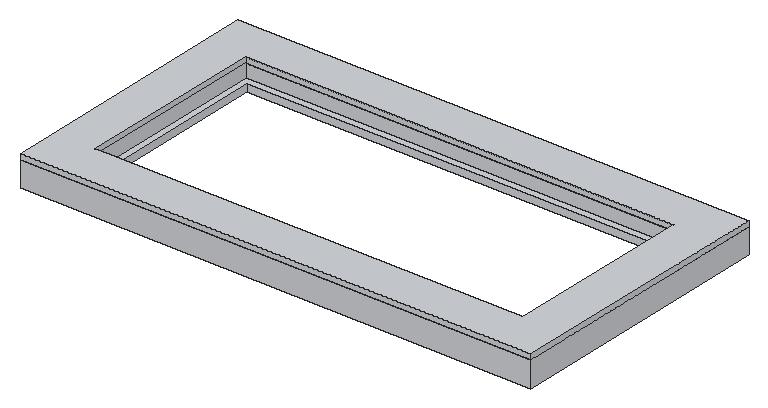
Revit family "Gira_100233", category Electrical Fixtures, host Face, Revit 2017
Family settings
  Host = Face
  Maintain Annotation Orientation = No
  Round Connector Dimension = Use Diameter
  Part Type = Normal
  Cut with Voids When Loaded = No
  Shared = No
  Room Calculation Point = No
Parameters (values of type "Cov.fr. 2-g w/o cb Gira E2 stainl.steel")
  With mounting grid = "No"
  With hinged lid = "No"
  URL = "http://katalog.gira.de/en/datenblatt.html?artikelnr=100233"
  Type of fastening = "Clamp mounting"
  Transparent = "No"
  Surface protection = "Other"
  Suitable for wall duct = "No"
  Suitable for flush-mounted installation = "Yes"
  Suitable for floor box = "No"
  Suitable for built-in installation = "No"
  Number of units vertical = "2"
  Number of units horizontal = "2"
  Number of units = "2"
  Name = "Cov.fr. 2-g w/o cb Gira E2 stainl.steel"
  Mounting direction = "Horizontal and vertical"
  Material quality = "Stainless steel"
  Material = "Metal"
  Manufacturer URL = "https://www.gira.de/"
  Manufacturer = "Gira"
  Label space/information surface = "No"
  Keynote = ""
  HeinzeBIM = "https://bimportal.heinze.de/bim/cov-fr-2-g-w-o-cb-gira-e2-stainl-steel/6e887a0b562d55431db4eade15a65676f76debcb"
  Halogen free = "No"
  HAN = "100233"
  GTIN = "4010337019848"
  Description = "Cov.fr.2g w o cb E2 SST,Gira E2 cover frame,Stainless steel,2-gang without crossbar,Notes :,- Also suitable for duct installation.,- In connection with the seal kit, frame (1-gang to 5-gang) is also suitable for installation as water-protected flush-mounted IP44."
  Degree of protection (IP) = "IP20"
  Default Elevation = 1219.2 mm
  Data sheet (1) = "https://katalog.gira.de/en/download.html?artikelnr=100233"
  Colour = "Stainless steel"
  Category = "Cover frame for domestic switching devices"
  BIM (1) = "https://media.stage.bim.site/public/gira/36a6b08/E2_Rahmen_2fach o.Mittelsteg.rfa?public/gira/36a6b08/E2_Rahmen_2fach o.Mittelsteg.rfa"
  Available = "No"
Reference planes
  plane 1 "Center (Front/Back)": y = 0
  plane 2: z = 0
  plane 3 "Center (Left/Right)": x = 0
Forms (mm)
  Extrusion 1, solid, detail levels fine
    sketch origin (0, 0, 0) x (1, 0, 0) y (0, 1, 0)
      loop
        line (-75.95, 40.4) -> (-75.95, -40.4) -> (75.95, -40.4) -> (75.95, 40.4) -> (-75.95, 40.4)
      loop
        line (-63.602, -28.052) -> (63.602, -28.052) -> (63.602, 28.052) -> (-63.602, 28.052) -> (-63.602, -28.052)
    from 7.7 to 9.3
  Extrusion 2, solid, detail levels fine
    sketch origin (0, 0, 0) x (1, 0, 0) y (0, 1, 0)
      loop
        line (-75.95, 40.4) -> (-75.95, -40.4) -> (75.95, -40.4) -> (75.95, 40.4) -> (-75.95, 40.4)
      loop
        line (-74.148, -38.598) -> (74.148, -38.598) -> (74.148, 38.598) -> (-74.148, 38.598) -> (-74.148, -38.598)
    from 0 to 7.7
  Extrusion 3, solid, detail levels fine
    sketch origin (0, 0, 0) x (1, 0, 0) y (0, 1, 0)
      loop
        line (-61.45, -25.7) -> (61.451, -25.7) -> (61.451, 25.701) -> (-61.45, 25.701) -> (-61.45, -25.7)
      loop
        line (-63.602, 28.052) -> (-63.602, -28.052) -> (63.602, -28.052) -> (63.602, 28.052) -> (-63.602, 28.052)
    from 1.8 to 3.8
  Extrusion 4, solid, detail levels fine
    sketch origin (0, 0, 0) x (1, 0, 0) y (0, 1, 0)
      loop
        line (-63.602, -28.052) -> (63.602, -28.052) -> (63.602, 28.052) -> (-63.602, 28.052) -> (-63.602, -28.052)
      loop
        spline (65.089, 27.539) -> (65.072, 27.8) -> (65.021, 28.057) -> (64.937, 28.305) -> (64.821, 28.539) -> (64.676, 28.757) -> (64.504, 28.954) -> (64.307, 29.126) -> (64.089, 29.271) -> (63.855, 29.387) -> (63.607, 29.471) -> (63.35, 29.522) -> (63.089, 29.539)
        line (63.089, 29.539) -> (-63.089, 29.539)
        spline (-63.089, 29.539) -> (-63.35, 29.522) -> (-63.607, 29.471) -> (-63.855, 29.387) -> (-64.089, 29.271) -> (-64.307, 29.126) -> (-64.504, 28.954) -> (-64.676, 28.757) -> (-64.821, 28.539) -> (-64.937, 28.305) -> (-65.021, 28.057) -> (-65.072, 27.8) -> (-65.089, 27.539)
        line (-65.089, 27.539) -> (-65.089, -27.539)
        spline (-65.089, -27.539) -> (-65.072, -27.8) -> (-65.021, -28.057) -> (-64.937, -28.305) -> (-64.821, -28.539) -> (-64.676, -28.757) -> (-64.504, -28.954) -> (-64.307, -29.126) -> (-64.089, -29.271) -> (-63.855, -29.387) -> (-63.607, -29.471) -> (-63.35, -29.522) -> (-63.089, -29.539)
        line (-63.089, -29.539) -> (63.089, -29.539)
        spline (63.089, -29.539) -> (63.35, -29.522) -> (63.607, -29.471) -> (63.855, -29.387) -> (64.089, -29.271) -> (64.307, -29.126) -> (64.504, -28.954) -> (64.676, -28.757) -> (64.821, -28.539) -> (64.937, -28.305) -> (65.021, -28.057) -> (65.072, -27.8) -> (65.089, -27.539)
        line (65.089, -27.539) -> (65.089, 27.539)
    from 1.8 to 7.7
  Extrusion 5, solid, detail levels coarse+medium
    sketch origin (0, 0, 0) x (1, 0, 0) y (0, 1, 0)
      loop
        line (-75.95, 40.4) -> (-75.95, -40.4) -> (75.95, -40.4) -> (75.95, 40.4) -> (-75.95, 40.4)
    from 0 to 9.3
Dimensions and locks
  aligned and locked: plane 2 to host face
  aligned and locked: level to host face
